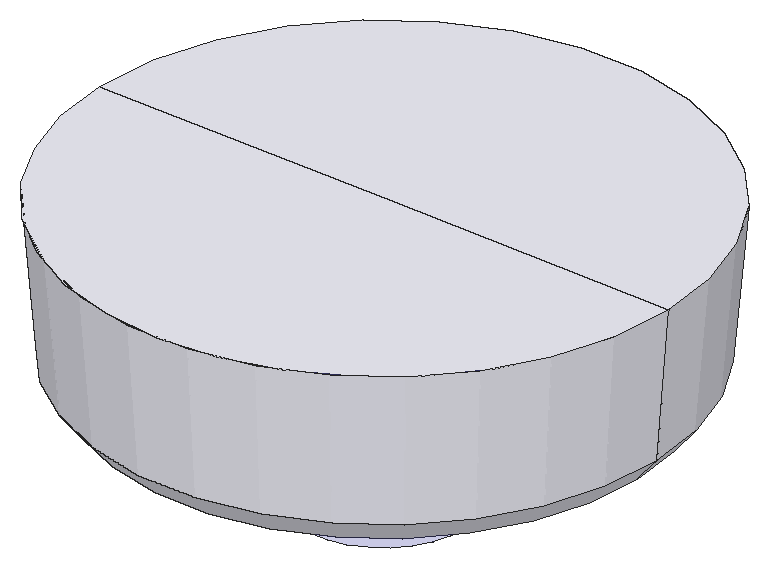
Revit family "PD2 AP types Sans hôte", category Dispositifs d'éclairage, Revit 2019
Family settings
  Conserver l'orientation des annotations = Non
  Cote de connecteur circulaire = Utiliser le diamètre
  Type d'élément = Normal
  Basée sur le plan de construction = Oui
  Toujours verticalement = Oui
  Couper avec des vides une fois chargée = Non
  Partagée = Non
  Point de calcul de pièce = Non
Parameters (values of type "01- PD2 AP Générique")
  Portée frontale [instance] = Position en hauteur * 2.4  # 600 cm
  Portée de biais [instance] = Position en hauteur * 4  # 1000 cm
  Hauteur de montage max préconisée [instance] = Hauteur de montage max  # 300 cm
  Hauteur de montage max = 300 cm
  Activitée assise [instance] = Position en hauteur * 1.6  # 400 cm
  Zone de detection [instance] = no
  URL = "https://www.beg-luxomat.com"
  Type de Sortie = ""
  Température ambiante = "-25°C à +50°C"
  Référence = ""
  Relais = ""
  Position en hauteur [instance] = 250 cm
  Mode de pose = "Saillie"
  Etiquette [instance] = yes
  Modèle = "PD2 AP"
  Marque = "LUXOMAT"
  Image du type = 360°.jpg
  IP = "20 ou 54"
  Fabricant = "B.E.G."
  Default Elevation = 0 cm
  Consommation = ""
  Commentaires du type = "DET.PRES.360°/Ø10M APPARENT"
  Code d'assemblage = "D5010200"
  Classe = "II"
  Charge LED = ""
  Charge Cos ɸ =1 = ""
  Charge Cos ɸ =0.5 = ""
  Zone assise [instance] = Position en hauteur < 300.1 cm  # yes
  Alimentation = "110-240 V AC"
Types (18, lengths in cm): name | Type de Sortie | Température ambiante | Référence | Relais | Modèle | IP | Consommation | Commentaires du type | Charge LED | Charge Cos ɸ =1 | Charge Cos ɸ =0.5 | Alimentation
  (no name) | "" | "-25°C à +50°C" | "" | "" | "PD2 AP" | "20 ou 54" | "" | "DET.PRES.360°/Ø10M APPARENT" | "" | "" | "" | "110-240 V AC"
  01- PD2 AP Générique | "" | "-25°C à +50°C" | "" | "" | "PD2 AP" | "20 ou 54" | "" | "DET.PRES.360°/Ø10M APPARENT" | "" | "" | "" | "110-240 V AC"
  02- PD2 M 1C AP réf 92550 | "TOR" | "-25°C à +50°C" | "92550" | "10 A" | "PD2 M 1C AP" | "20 ou 54" | "0,45 W" | "DET.PRES.MAITRE.1 CONTACT.360°/Ø10M APPARENT" | "300 W" | "2300 W" | "1150 VA" | "110-240 V AC"
  03- PD2 M 2C AP réf 92150 | "TOR + CVC" | "-25°C à +50°C" | "92150" | "10 A / 3 A" | "PD2 M 2C AP" | "20 ou 54" | "0,47 W" | "DET.PRES.MAITRE.2 CONTACTS.360°/Ø10M APPARENT" | "300 W" | "2300 W" | "1150 VA" | "110-240 V AC"
  06- PD2 M DIM AP réf 92153 | "DIM (50 ballasts maxi)" | "-25°C à +50°C" | "92153" | "10 A" | "PD2 M DIM AP" | "20 ou 54" | "0,45 W" | "DET.PRES.MAITRE.DIM(1-10V).360°/Ø10M APPARENT" | "300 W" | "2300 W" | "1150 VA" | "110-240 V AC"
  04- PD2N M DACO AP réf 93452 | "DALI 2  (40 drivers maxi)" | "-25°C à +50°C" | "93452+93454" | "0" | "PD2N M DACO AP" | "54" | "2 W" | "DET.PRES.MAITRE.DALI 2.360°/Ø10M APPARENT + KIT AP réf 93454" | "0" | "0" | "0" | "110-240 V AC"
  05- PD2N M DACO 1C AP réf 93455 | "DALI 2 (40 drivers maxi) + Contact NO" | "-25°C à +50°C" | "93455+93454" | "10 A" | "PD2N M DACO 1C AP" | "54" | "2 W" | "DET.PRES.MAITRE.DALI 2 + CONTACT NO.360°/Ø10M APPARENT + KIT AP réf 93454" | "300 W" | "2300 W" | "1150 VA" | "110-240 V AC"
  16- PD2 M 2C 11-48V RR AP réf 92305 | "Reed Relais" | "-25°C à +50°C" | "92305" | "100 mA" | "PD2 M 2C 11-48V RR AP" | "20 ou 54" | "0,76 W" | "DET.PRES.MAITRE.11-48V.2 CONTACTS.RR.360°/Ø10M APPARENT" | "0" | "0" | "0" | "11-48 V AC/DC"
  17- PD2 M 2C 11-48V 3A AP réf 92154 | "TOR" | "-25°C à +50°C" | "92154" | "3 A" | "PD2 M 2C 11-48V 3A AP" | "20 ou 54" | "0,95 W" | "DET.PRES.MAITRE.11-48V.2 CONTACTS.3A.360°/Ø10M APPARENT" | "0" | "0" | "0" | "11-48 V AC/DC"
  10- PD2N KNX BA AP réf 93381 | "KNX - 1 sortie Eclairage TOR" | "-5°C à +45°C" | "93381+93307" | "0" | "PD2N KNX BA AP" | "54" | "12 mA" | "DET.PRES.KNX.VERSION BASIQUE.360°/Ø10M ENCASTRE + KIT AP réf 93307" | "0" | "0" | "0" | "24 V DC par Bus KNX"
  11- PD2N KNX ST AP réf 93383 | "KNX - 1 sortie Eclairage TOR ou GRADATION / 3 sorties Présence" | "-5°C à +45°C" | "93383+93307" | "0" | "PD2N KNX ST AP" | "54" | "12 mA" | "DET.PRES.KNX.VERSION STANDARD.360°/Ø10M ENCASTRE + KIT AP réf 93307" | "0" | "0" | "0" | "24 V DC par Bus KNX"
  12- PD2N KNX DX AP réf 93361 | "KNX - 1 sortie Eclairage TOR ou GRADATION / 3 sorties Présence / Capteur de température et bruit" | "-5°C à +45°C" | "93361+93307" | "0" | "PD2N KNX DX AP" | "54" | "12 mA" | "DET.PRES.KNX.VERSION DELUXE.360°/Ø10M ENCASTRE + KIT AP réf 93307" | "0" | "0" | "0" | "24 V DC par Bus KNX"
  15- PD2N LON AP réf 92734 | "LON" | "-5°C à +45°C" | "92734" | "0" | "PD2N LON AP" | "20 ou 54" | "12 mA" | "DET.PRES.LON.360°/Ø10M APPARENT" | "0" | "0" | "0" | "24 V DC par Bus LON"
  07- PD2 S AP réf 92152 | "Esclave" | "-25°C à +50°C" | "92152" | "10 A" | "PD2 S AP" | "20 ou 54" | "0,25 W" | "DET.PRES.ESCLAVE.360°/Ø10M APPARENT" | "0" | "0" | "0" | "110-240 V AC"
  08- PD2N DALISYS AP réf 93368 | "DALI Adressable" | "-25°C à +55°C" | "93368+93307" | "0" | "PD2N DALISYS AP" | "54" | "3 mA" | "MULTI.CAPTEUR.PRES.DALISYS.360°/Ø10M ENCASTRE + KIT AP réf 93307" | "0" | "0" | "0" | "10-22 V DC par Bus DALI"
  09- PD2N BMS DALI 2 AP réf 93544 | "DALI 2 Adressable - BMS" | "-25°C à +55°C" | "93544+93307" | "0" | "PD2N BMS DALI 2 AP" | "54" | "7 mA" | "MULTI.CAPTEUR.PRES.BMS.DALI 2.360°/Ø10M ENCASTRE + KIT AP réf 93307" | "0" | "0" | "0" | "10-22 V DC par Bus DALI"
  13- PD2N KNXs ST AP réf 93511 | "KNX Sécure - 1 sortie Eclairage TOR ou GRADATION / 3 sorties Présence / HCL" | "-5°C à +45°C" | "93511+93307" | "0" | "PD2N KNXs ST AP" | "54" | "12 mA" | "DET.PRES.KNX Sécure.VERSION STANDARD.360°/Ø10M ENCASTRE + KIT AP réf 93307" | "0" | "0" | "0" | "24 V DC par Bus KNX"
  14- PD2N KNXs DX AP réf 93513 | "KNX Sécure - 1 sortie Eclairage TOR ou GRADATION / 3 sorties Présence / Capteur de température et bruit / HCL" | "-5°C à +45°C" | "93513+93307" | "0" | "PD2N KNXs DX AP" | "54" | "12 mA" | "DET.PRES.KNX Sécure.VERSION DELUXE.360°/Ø10M ENCASTRE + KIT AP réf 93307" | "0" | "0" | "0" | "24 V DC par Bus KNX"
Reference planes (cm)
  plane 1 "Centre (avant/arrière)": y = 0
  plane 2: z = 0
  plane 3 "Centre (gauche/droite)": x = 0
Dimensions and locks (cm)
  aligned and locked: level to plane 2
  aligned and locked: nested 3 to plane 3 "Centre (gauche/droite)"
  aligned and locked: nested 3 to plane 1 "Centre (avant/arrière)"
  aligned and locked: nested 3 to nested 4  (x2)
Nested families (cm)
  nested 1: "Famille4" at (4.625, -60.7006, 0), visible <- "Etiquette", référence <- "Référence", modèle <- "Modèle", type "Famille4"
    with référence "", modèle "PD2 AP"
  nested 2: "Plafond 360° 2D" at (0, 0, 0), type "Plafond 360° 2D"
  nested 3: "zone G" at (0, 0, 0), activité assise <- "Activitée assise", biais <- "Portée de biais", frontal <- "Portée frontale", visible <- "Zone de detection", Zone assise <- "Zone assise", type "zone G"
    with position 2 240 cm, position 1 400 cm, frontal 600 cm, biais 1000 cm, activité assise 400 cm, Zone assise yes
  nested 4: "M8" at (0, 0, 0), type "Standard"
Connectors (cm)
  electrical at (0, 0, 0)
    settings: index 1, voltage 230 V, apparent load 0 VA, apparent load phase1 0 VA, apparent load phase2 0 VA, apparent load phase3 0 VA, power factor 1, load classification "Eclairage", number of poles 1, system type 31, power factor state 1, is connector primary yes, connector utility no, sub classification motor no, connector description ""
Definition of nested family "M8"
  Reference planes (cm)
    plane 1 "Centre (avant/arrière)": y = 0
    plane 2: z = 0
    plane 3 "Centre (gauche/droite)": x = 0
    plane 4: y = 0
  Forms (cm)
    Revolve 1, solid, not visible
      sketch origin (0, 0, 0) x (-1, 0, 0) y (0, 0, 1)
        loop
          line (0, 0) -> (0, 3.6) -> (-2.45, 3.6) -> (-2.6598, 3.35) -> (-2.6598, 3.1) -> (-4.3661, 2.8) -> (-4.69, 2.4) -> (-4.9, 0) -> (0, 0)
        axis (0, 0) -> (0, 3.6)
      angle from 0 to 360
    Revolve 2, solid, not visible
      sketch origin (0, 0, 0) x (-1, 0, 0) y (0, 0, 1)
        loop
          line (0, 3.6) -> (0, 5)
          arc (0, 5) -> (-1.3892, 4.6244) -> (-2.4, 3.6) r 2.7571
          line (-2.4, 3.6) -> (0, 3.6)
        axis (0, 3.6) -> (0, 5)
      angle from 0 to 360
    Revolve 3, solid
      sketch origin (0, 0, 0) x (-1, 0, 0) y (0, 0, -1)
        loop
          line (0, 0) -> (0, 3.6) -> (-2.45, 3.6) -> (-2.6598, 3.35) -> (-2.6598, 3.1) -> (-4.3661, 2.8) -> (-4.69, 2.4) -> (-4.9, 0) -> (0, 0)
        axis (0, 0) -> (0, 3.6)
      angle from 0 to 360
    Revolve 4, solid
      sketch origin (0, 0, 0) x (-1, 0, 0) y (0, 0, -1)
        loop
          line (0, 3.6) -> (0, 5)
          arc (0, 5) -> (-1.3892, 4.6244) -> (-2.4, 3.6) r 2.7571
          line (-2.4, 3.6) -> (0, 3.6)
        axis (0, 3.6) -> (0, 5)
      angle from 0 to 360
  Dimensions and locks (cm)
    aligned and locked: level to plane 2
Definition of nested family "Famille4"
  Parameters (values of type "Famille4")
    référence [instance] = ""
    modèle [instance] = ""
  Reference planes (cm)
    plane 1: y = 0
    plane 2: x = 0
  Text (cm)
    label "référence\nModèle" at (-0.0547, 0.0091, 0), shows "référence", "modèle"
Definition of nested family "Plafond 360° 2D"
  Reference planes (cm)
    plane 1: y = 0
    plane 2: x = 0
  Lines and regions (cm)
    Filled region 1, type "rouge"
      outline origin (0, 0, 0) x (1, 0, 0) y (0, 1, 0)
        loop
          circle (0, 0) r 0.0294
    detail lines
      curve 1: arc (-0.1732, 0.1, 0) -> (-0.2, 0, 0) -> (-0.1732, -0.1, 0) r 0.2
      curve 2: arc (-0.1, -0.1732, 0) -> (0, -0.2, 0) -> (0.1, -0.1732, 0) r 0.2
      curve 3: arc (0.1732, -0.1, 0) -> (0.2, 0, 0) -> (0.1732, 0.1, 0) r 0.2
      curve 4: arc (0.1, 0.1732, 0) -> (0, 0.2, 0) -> (-0.1, 0.1732, 0) r 0.2
      curve 5: arc (-0.1375, 0.0794, 0) -> (-0.1588, 0, 0) -> (-0.1375, -0.0794, 0) r 0.1588
      curve 6: arc (-0.0794, -0.1375, 0) -> (0, -0.1588, 0) -> (0.0794, -0.1375, 0) r 0.1588
      curve 7: arc (0.1375, -0.0794, 0) -> (0.1588, 0, 0) -> (0.1375, 0.0794, 0) r 0.1588
      curve 8: arc (0.0794, 0.1375, 0) -> (0, 0.1588, 0) -> (-0.0794, 0.1375, 0) r 0.1588
      curve 9: arc (-0.1019, 0.0588, 0) -> (-0.1176, 0, 0) -> (-0.1019, -0.0588, 0) r 0.1176
      curve 10: arc (-0.0588, -0.1019, 0) -> (0, -0.1176, 0) -> (0.0588, -0.1019, 0) r 0.1176
      curve 11: arc (0.1019, -0.0588, 0) -> (0.1176, 0, 0) -> (0.1019, 0.0588, 0) r 0.1176
      curve 12: arc (0.0588, 0.1019, 0) -> (0, 0.1176, 0) -> (-0.0588, 0.1019, 0) r 0.1176
      curve 13: arc (-0.0294, 0, 0) -> (0, -0.0294, 0) -> (0.0294, 0, 0) r 0.0294
      curve 14: arc (0.0294, 0, 0) -> (0, 0.0294, 0) -> (-0.0294, 0, 0) r 0.0294
Definition of nested family "zone G"
  Parameters (values of type "zone G")
    position 2 [instance] = (frontal / 2) * 0.8  # 240 cm
    position 1 [instance] = ((biais / 2) + (frontal / 2)) / 2  # 400 cm
    frontal [instance] = 600 cm
    biais [instance] = 1000 cm
    activité assise [instance] = 400 cm
    Zone assise [instance] = yes
  Reference planes (cm)
    plane 1 "Centre (avant/arrière)": y = 0
    plane 2: z = 0
    plane 3 "Centre (gauche/droite)": x = 0
    plane 4: x = -400
    plane 5: y = -240
  Lines and regions (cm)
    detail lines, in view "Niveau de réf.", visible <- "Zone assise"
      curve 1: circle (0, 0, 0) r 200 normal (0, 0, 1)
      curve 16: spline (-100.1609, 35.3835, 0) -> (-99.2494, 35.2529, 0) -> (-98.3931, 34.8281, 0) -> (-97.6502, 34.138, 0) -> (-97.0714, 33.2297, 0) -> (-96.6961, 32.165, 0) -> (-96.55, 31.0166, 0) -> (-96.643, 29.8626, 0) -> (-96.9687, 28.7818, 0) -> (-97.5049, 27.8477, 0) -> (-98.2152, 27.1241, 0) -> (-99.051, 26.6602, 0) -> (-99.9555, 26.4877, 0) -> (-100.867, 26.6183, 0) -> (-101.7234, 27.0431, 0) -> (-102.4663, 27.7332, 0) -> (-103.0451, 28.6415, 0) -> (-103.4203, 29.7062, 0) -> (-103.5664, 30.8546, 0) -> (-103.4735, 32.0085, 0) -> (-103.1478, 33.0894, 0) -> (-102.6115, 34.0234, 0) -> (-101.9013, 34.7471, 0) -> (-101.0654, 35.211, 0) -> (-100.1609, 35.3835, 0)
      curve 17: line (-100, 26, 0) -> (-100, 0, 0)
      curve 18: line (-100, 0, 0) -> (-83, 0, 0)
      curve 19: line (-83, 0, 0) -> (-83, -21, 0)
      curve 20: line (-100, 22.2972, 0) -> (-87.1203, 15.4489, 0)
      curve 21: line (-110.5298, 20.3537, 0) -> (-105.6439, -2.6328, 0)
      curve 22: line (-105.6439, -2.6328, 0) -> (-85.0082, -2.6328, 0)
      curve 23: line (-90.8164, -2.6328, 0) -> (-90.8164, -21, 0)
      curve 24: line (-102.3261, -2.6328, 0) -> (-102.3261, -21, 0)
      curve 34: line (-90.8164, 8.5, 0) -> (-64.3164, 8.5, 0)
      curve 35: line (-75.5, -21, 0) -> (-75.5, 8.5, 0)
      curve 36: line (-69, -21, 0) -> (-69, 8.5, 0)
    detail lines, in view "Niveau de réf."
      curve 2: circle (0, 0, 0) r 300 normal (0, 0, 1)
      curve 3: circle (0, 0, 0) r 500 normal (0, 0, 1)
      curve 4: line (-400, -41.4725, 0) -> (-400, 41.4725, 0)
      curve 5: line (-400, 41.4725, 0) -> (-422.1638, 13.1041, 0)
      curve 6: line (-400, 41.4725, 0) -> (-377.8362, 13.1041, 0)
      curve 10: line (0, -294.5767, 0) -> (0, -211.6316, 0)
      curve 11: line (0, -211.6316, 0) -> (-22.1638, -240, 0)
      curve 12: line (0, -211.6316, 0) -> (22.1638, -240, 0)
    detail lines, in view "Niveau de réf.", not visible
      curve 7: line (628.0656, -64.277, 0) -> (628.0656, 18.6681, 0)
      curve 8: line (628.0656, 18.6681, 0) -> (605.9018, -9.7003, 0)
      curve 9: line (628.0656, 18.6681, 0) -> (650.2294, -9.7003, 0)
      curve 13: line (628.0656, -64.277, 0) -> (628.0656, 18.6681, 0)
      curve 14: line (628.0656, 18.6681, 0) -> (605.9018, -9.7003, 0)
      curve 15: line (628.0656, 18.6681, 0) -> (650.2294, -9.7003, 0)
    detail lines, in view "Niveau de réf.", visible <- "Zone assise", not visible
      curve 25: spline (932.3619, 15.8637, 0) -> (933.2734, 15.7331, 0) -> (934.1297, 15.3083, 0) -> (934.8726, 14.6182, 0) -> (935.4514, 13.7099, 0) -> (935.8267, 12.6452, 0) -> (935.9728, 11.4968, 0) -> (935.8798, 10.3428, 0) -> (935.5541, 9.262, 0) -> (935.0179, 8.3279, 0) -> (934.3076, 7.6043, 0) -> (933.4718, 7.1404, 0) -> (932.5673, 6.9679, 0) -> (931.6558, 7.0985, 0) -> (930.7994, 7.5233, 0) -> (930.0565, 8.2134, 0) -> (929.4777, 9.1217, 0) -> (929.1025, 10.1864, 0) -> (928.9564, 11.3348, 0) -> (929.0493, 12.4888, 0) -> (929.375, 13.5696, 0) -> (929.9113, 14.5037, 0) -> (930.6215, 15.2273, 0) -> (931.4574, 15.6912, 0) -> (932.3619, 15.8637, 0)
      curve 26: line (932.5228, 6.4802, 0) -> (932.5228, -19.5198, 0)
      curve 27: line (932.5228, -19.5198, 0) -> (949.5228, -19.5198, 0)
      curve 28: line (949.5228, -19.5198, 0) -> (949.5228, -40.5198, 0)
      curve 29: line (932.5228, 2.7774, 0) -> (945.4025, -4.0709, 0)
      curve 30: line (921.993, 0.8339, 0) -> (926.8789, -22.1526, 0)
      curve 31: line (926.8789, -22.1526, 0) -> (947.5146, -22.1526, 0)
      curve 32: line (941.7064, -22.1526, 0) -> (941.7064, -40.5198, 0)
      curve 33: line (930.1967, -22.1526, 0) -> (930.1967, -40.5198, 0)
      curve 37: line (941.7064, -11.0198, 0) -> (968.2064, -11.0198, 0)
      curve 38: line (957.0228, -40.5198, 0) -> (957.0228, -11.0198, 0)
      curve 39: line (963.5228, -40.5198, 0) -> (963.5228, -11.0198, 0)
  Dimensions and locks (cm)
    "position 1": plane 4 to plane 3 "Centre (gauche/droite)"
    "position 2": plane 5 to plane 1 "Centre (avant/arrière)"
    "activité assise": diameter of curve 1
    "biais": diameter of curve 3
    "frontal": diameter of curve 2
    aligned and locked: plane 4 to curve 4
    aligned and locked: plane 1 "Centre (avant/arrière)" to curve 18
    aligned and locked: curve 10 to plane 3 "Centre (gauche/droite)"
    aligned and locked: plane 5 to curve 12
  Automatic sketch dimensions
    curve 5 to curve 5 = 22.1638 cm
    curve 4 to curve 6 = 22.1638 cm
    curve 6 to curve 5 = 28.3684 cm
    curve 5 to curve 5 = 28.3684 cm
    curve 4 to curve 5 = 54.5767 cm
    curve 8 to curve 8 = 22.1638 cm
    curve 7 to curve 9 = 22.1638 cm
    curve 9 to curve 8 = 28.3684 cm
    curve 8 to curve 8 = 28.3684 cm
    curve 7 to curve 8 = 54.5767 cm
    curve 11 to curve 11 = 22.1638 cm
    curve 10 to curve 12 = 22.1638 cm
    curve 12 to curve 11 = 28.3684 cm
    curve 11 to curve 11 = 28.3684 cm
    curve 10 to curve 11 = 54.5767 cm
    curve 14 to curve 14 = 22.1638 cm
    curve 13 to curve 15 = 22.1638 cm
    curve 15 to curve 14 = 28.3684 cm
    curve 14 to curve 14 = 28.3684 cm
    curve 13 to curve 14 = 54.5767 cm
    curve 21 to curve 17 = 5.6439 cm
    curve 17 to curve 19 = 17 cm
    curve 22 to curve 19 = 2.6328 cm
    curve 21 to curve 20 = 10.5298 cm
    curve 21 to curve 24 = 3.3178 cm
    curve 16 to curve 17 = 0.1609 cm
    curve 16 to curve 16 = 0.1027 cm
    curve 23 to curve 18 = 7.8164 cm
    curve 34 to curve 23 = 0 cm
    curve 34 to curve 20 = 3.6961 cm
    curve 22 to curve 18 = 2.0082 cm
    curve 19 to curve 35 = 7.5 cm
    curve 35 to curve 36 = 6.5 cm
    curve 36 to curve 34 = 4.6836 cm
    curve 35 to curve 22 = 18.3672 cm
    curve 23 to curve 35 = 0 cm
    curve 19 to curve 35 = 0 cm
    curve 35 to curve 36 = 0 cm
    curve 24 to curve 23 = 0 cm
    curve 18 to curve 36 = 8.5 cm
    curve 34 to curve 20 = 6.9489 cm
    curve 17 to curve 21 = 20.3537 cm
    curve 21 to curve 20 = 1.9435 cm
    curve 20 to curve 17 = 3.7028 cm
    curve 17 to curve 16 = 4.9356 cm
    curve 30 to curve 26 = 5.6439 cm
    curve 26 to curve 28 = 17 cm
    curve 31 to curve 28 = 2.6328 cm
    curve 30 to curve 29 = 10.5298 cm
    curve 30 to curve 33 = 3.3178 cm
    curve 25 to curve 26 = 0.1609 cm
    curve 25 to curve 25 = 0.1027 cm
    curve 32 to curve 27 = 7.8164 cm
    curve 37 to curve 32 = 0 cm
    curve 37 to curve 29 = 3.6961 cm
    curve 31 to curve 27 = 2.0082 cm
    curve 28 to curve 38 = 7.5 cm
    curve 38 to curve 39 = 6.5 cm
    curve 39 to curve 37 = 4.6836 cm
    curve 38 to curve 31 = 18.3672 cm
    curve 32 to curve 38 = 0 cm
    curve 28 to curve 38 = 0 cm
    curve 38 to curve 39 = 0 cm
    curve 33 to curve 32 = 0 cm
    curve 27 to curve 39 = 8.5 cm
    curve 37 to curve 29 = 6.9489 cm
    curve 26 to curve 30 = 20.3537 cm
    curve 30 to curve 29 = 1.9435 cm
    curve 29 to curve 26 = 3.7028 cm
    curve 26 to curve 25 = 4.9356 cm
    curve 1 to curve 2 = 0 cm  (x2)
    curve 1 to curve 3 = 0 cm  (x2)
    curve 2 to curve 3 = 0 cm  (x2)
    plane 1 "Centre (avant/arrière)" to curve 2 = 0 cm
    curve 2 to plane 3 "Centre (gauche/droite)" = 0 cm
